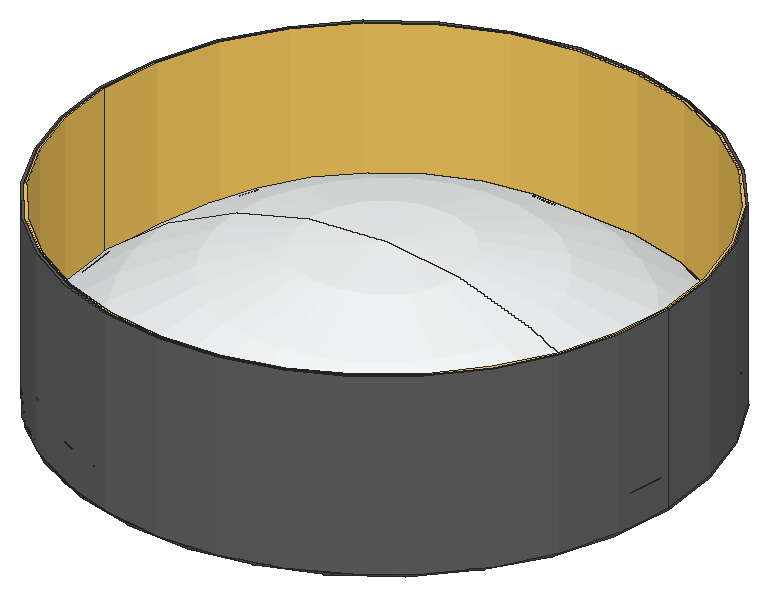
Revit family "50176.4_HOST_FACE", category Lighting Fixtures, host Face, Revit 2015
Parameters (values of type "Ceiling Luminaires")
  Wattage = 16.8976 W
  built-in parameter 1150110 = 1 (stored number, unit not read)
  URL = "www.bega-us.com"
  built-in parameter 1114217 = 1 (stored number, unit not read)
  Tilt Angle = 90.00°
  built-in parameter 1150109 = 1 (stored number, unit not read)
  built-in parameter 1150134 = (empty or 0)
  Telephone = "805.684.0533"
  built-in parameter 1150113 = 1 (stored number, unit not read)
  Photometric Web File = "50176-4.ies"
  Model = "50176.4"
  Manufacturer = "BEGA-US"
  built-in parameter 1150105 = 199.74 (stored number, unit not read)
  Lumens = 2510 lm
  built-in parameter 1150115 = 1 (stored number, unit not read)
  built-in parameter 1150137 = (empty or 0)
  built-in parameter 1150139 = (empty or 0)
  built-in parameter 1150112 = 1 (stored number, unit not read)
  built-in parameter 1150114 = 1 (stored number, unit not read)
  Lamp = "43.5W LED"
  built-in parameter 1150132 = 2
  built-in parameter 1150102 = (empty or 0)
  built-in parameter 1150107 = 3000 (stored number, unit not read)
  built-in parameter 1150138 = (empty or 0)
  built-in parameter 1150106 = 1.9974 (stored number, unit not read)
  built-in parameter 1150104 = 13.8 (stored number, unit not read)
  Dimming Lamp Color Temperature Shift = <None>
  Description = "Studio Line - Shielded LED ceiling luminaires"
  Default Elevation = 0' - 0"
  Color Filter = 16777215
  built-in parameter 1114218 = 1 (stored number, unit not read)
  built-in parameter 1150133 = 10 (stored number, unit not read)
Types (5): name | Wattage | built-in parameter 1150134 | Photometric Web File | Model | built-in parameter 1150105 | Lumens | Lamp | built-in parameter 1150107 | built-in parameter 1150106 | Description | Default Elevation
  (no name) | 16.8976 W | (empty or 0) | "50176-4.ies" | "50176.4" | 199.74 (stored number, unit not read) | 2510 lm | "43.5W LED" | 3000 (stored number, unit not read) | 1.9974 (stored number, unit not read) | "Studio Line - Shielded LED ceiling luminaires" | 0' - 0"
  Wall Luminaires - Directed Light | 18.4392 W | (empty or 0) | "generic" | "2260LED" | 217.96 (stored number, unit not read) | 2739 lm | "44.6W LED" | 3000 (stored number, unit not read) | 2.1796 (stored number, unit not read) | "Surface wall with cutoff optics" | 6' - 0"
  Wall Luminaires - Linear | 9.92985 W | 9 | "generic" | "4425P" | 117.38 (stored number, unit not read) | 1475 lm | "(1) 39W CF twin-4-p" | 3450 (stored number, unit not read) | 1.1738 (stored number, unit not read) | "Suface wall - linear with white acrylic diffuser" | 6' - 0"
  Ceiling and Wall Luminaires - Unshielded | 2.66591 W | (empty or 0) | "33508.ies" | "33 508" | 31.513 (stored number, unit not read) | 396 lm | "8.4W LED" | 3000 (stored number, unit not read) | 0.31513 (stored number, unit not read) | "LED ceiling and wall luminaires - impact resistant" | 6' - 0"
  Ceiling Luminaires | 16.8976 W | (empty or 0) | "50176-4.ies" | "50176.4" | 199.74 (stored number, unit not read) | 2510 lm | "43.5W LED" | 3000 (stored number, unit not read) | 1.9974 (stored number, unit not read) | "Studio Line - Shielded LED ceiling luminaires" | 0' - 0"
Reference planes (in)
  plane 1 "Center (Front/Back)": y = 0
  plane 2: z = 0
  plane 3 "Center (Left/Right)": x = 0
Dimensions and locks (in)
  aligned and locked: plane 2 to host face
  aligned and locked: level to host face
Nested families (in)
  nested 1: "50176.4" at (0, 0, 0), type "50176.4"
Connectors (in)
  electrical at (0, 0, 0)
    settings: on host face, index 1, voltage 0 V, apparent load 0 VA, apparent load phase1 0 VA, apparent load phase2 0 VA, apparent load phase3 0 VA, power factor 1, load classification "Other", number of poles 1, system type 31, power factor state 1, is connector primary yes, connector utility no, sub classification motor no, connector description ""
Definition of nested family "50176.4"
  Reference planes (in)
    plane 1 "Center (Front/Back)": y = 0
    plane 2: z = 0
    plane 3 "Center (Left/Right)": x = 0
  Forms (in)
    Revolve 1, solid
      sketch origin (0, 0, 0) x (1, 0, 0) y (0, 0, 1)
        loop
          line (0, 0.0625) -> (0, 0) -> (7.51937, 0)
          arc (7.51937, 0) -> (7.59406, 0.03094) -> (7.625, 0.10563) r 0.10563
          line (7.625, 0.10563) -> (7.625, 0.375) -> (8.41306, 0.375)
          arc (8.41306, 0.375) -> (8.47453, 0.40047) -> (8.5, 0.46194) r 0.08694
          line (8.5, 0.46194) -> (8.5, 5.75) -> (8.4375, 5.75) -> (8.4375, 0.46194)
          arc (8.4375, 0.46194) -> (8.43034, 0.44466) -> (8.41306, 0.4375) r 0.02444
          line (8.41306, 0.4375) -> (7.5625, 0.4375) -> (7.5625, 0.10563)
          arc (7.5625, 0.10563) -> (7.54987, 0.07513) -> (7.51937, 0.0625) r 0.04313
          line (7.51937, 0.0625) -> (0, 0.0625)
        axis (0, 5.75) -> (0, 0)
      angle from 0 to 360
    Revolve 2, solid
      sketch origin (0, 0, 0) x (1, 0, 0) y (0, 0, 1)
        loop
          line (8.4375, 0.4375) -> (8.4375, 5.75) -> (8.375, 5.75) -> (8.375, 0.5) -> (7.5, 0.5) -> (7.5, 0.125) -> (0, 0.125) -> (0, 0.0625) -> (7.5625, 0.0625) -> (7.5625, 0.4375) -> (8.4375, 0.4375)
        axis (0, 5.75) -> (0, 0.0625)
      angle from 0 to 360
    Revolve 3, solid
      sketch origin (0, 0, 0) x (1, 0, 0) y (0, 0, 1)
        loop
          line (0, 4.625) -> (0, 4.5625)
          arc (0, 4.5625) -> (4.38887, 3.75913) -> (8.20859, 1.45318) r 12.39
          arc (8.20859, 1.45318) -> (8.25357, 1.2712) -> (8.09931, 1.16468) r 0.16495
          line (8.09931, 1.16468) -> (7.39708, 1.16468) -> (7.39708, 0.27974) -> (7.45958, 0.27974) -> (7.45958, 1.10218) -> (8.09931, 1.10218)
          arc (8.09931, 1.10218) -> (8.31201, 1.24906) -> (8.25, 1.5) r 0.22745
          arc (8.25, 1.5) -> (4.41101, 3.81757) -> (0, 4.625) r 12.4525
        axis (0, 4.625) -> (0, 0.27974)
      angle from 0 to 360
  Dimensions and locks (in)
    aligned and locked: plane 2 to level
